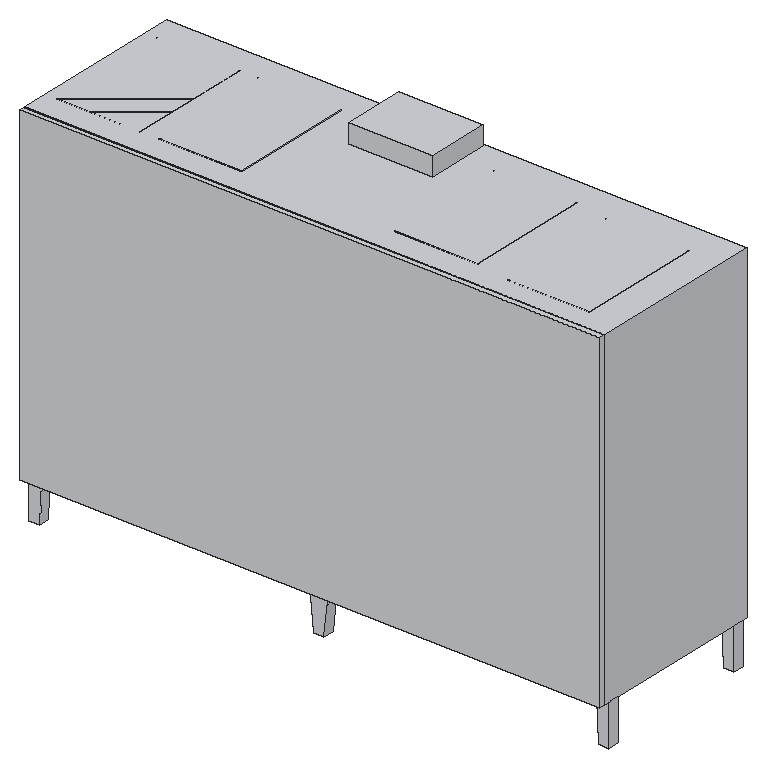
Revit family "AHU 1 _1", category Mechanické zařízení, Revit 2018
Family settings
  Kóta kulaté spojky = Použít průměr
  Typ dílu = Normální
  Číslo OmniClass = 23.75.00.00
  Nadpis OmniClass = Climate Control (HVAC)
  Založené na pracovní rovině = Ne
  Vždy vertikální = Ano
  Ořezat dutým tvarem při načtení = Ne
  Sdílené = Ne
  Bod výpočtu místnosti = Ne
Parameters (values of type "DUPLEXVENT 5000 Multi-V")
  Width [instance] = 0.885 mm
  Weight [instance] = 511.00 kg
  URL = ""
  Type [instance] = "DUPLEXVENT 5000 Multi-V"
  Total_SFP [instance] = 0
  Supply_outlet_hum [instance] = 90
  Supply_inlet_hum [instance] = 90
  Supply_ext_pressure [instance] = 0.0 Pa
  Supply_SFP [instance] = 0
  Source_adu_file [instance] = ""
  Recuperation_type [instance] = "Plate heat recovery exchanger"
  Recuperation_efficiency_EN308 [instance] = 0
  Project_name [instance] = ""
  Project_date [instance] = "9.8.2023"
  Power_supply_fusing [instance] = "0"
  Power_supply_cable [instance] = "0"
  Position [instance] = "AHU 1 "
  Phases_count [instance] = 3
  Panel_thickness [instance] = 0.06 mm
  Outer_surface [instance] = "RAL 9002"
  Length [instance] = 2.8 mm
  Insulation_type [instance] = "PUR"
  Insulation_thickness [instance] = 0.05 mm
  Installation_environment [instance] = ""
  Input_power_max [instance] = 6600 W
  Inner_surface [instance] = "Pozink"
  I2 [instance] = I1  # 0.0 L/s
  Height [instance] = 1.6 mm
  Exhaust_outlet_hum [instance] = 40
  Exhaust_inlet_hum [instance] = 40
  Exhaust_ext_pressure [instance] = 0.0 Pa
  Exhaust_SFP [instance] = 0
  E1 [instance] = E2 - M1  # 0.0 L/s
  E2 [instance] = 0.0 L/s
  I1 [instance] = 0.0 L/s
  Description = ""
  M1 [instance] = 0.0 L/s
  Device_dutypoint_version [instance] = "0"
  Device_design_version [instance] = "9"
  Device_adu_id [instance] = "1"
  Current_max [instance] = 10.8 A
  Casing_mat [instance] = "painted zinc layer"
  Cable type [instance] = "CYKY 5Jx2,5"
Reference planes
  plane 1 "Střed (vpředu/vzadu)": y = 0
  plane 2 "ref": z = 0
  plane 3 "Střed (vlevo/vpravo)": x = 0
Forms (mm)
  Sweep 1, solid
    path origin (0, 0, 0) x (0, 0, 1) y (1, 0, 0)
      loop
        line (0, 0) -> (1600, 0)
    profile origin (0, 0, 0) x (1, 0, 0) y (0, 1, 0)
      loop
        line (0, 0) -> (2800, 0) -> (2800, 855) -> (0, 855) -> (0, 0)
  Sweep 2, solid
    path origin (745, 425, 1599) x (0, 0, 1) y (1, 0, 0)
      loop
        line (0, 0) -> (1, 0)
    profile origin (745, 425, 1599) x (1, 0, 0) y (0, 1, 0)
      loop
        line (-200, -300) -> (200, -300) -> (200, 300) -> (-200, 300) -> (-200, -300)
  Sweep 3, solid
    path origin (2445, 400, 1599) x (0, 0, 1) y (1, 0, 0)
      loop
        line (0, 0) -> (1, 0)
    profile origin (2445, 400, 1599) x (1, 0, 0) y (0, 1, 0)
      loop
        line (-200, -300) -> (200, -300) -> (200, 300) -> (-200, 300) -> (-200, -300)
  Sweep 4, solid
    path origin (1885, 425, 1599) x (0, 0, 1) y (1, 0, 0)
      loop
        line (0, 0) -> (1, 0)
    profile origin (1885, 425, 1599) x (1, 0, 0) y (0, 1, 0)
      loop
        line (-200, -300) -> (200, -300) -> (200, 300) -> (-200, 300) -> (-200, -300)
  Sweep 5, solid
    path origin (255, 425, 1599) x (0, 0, 1) y (1, 0, 0)
      loop
        line (0, 0) -> (1, 0)
    profile origin (255, 425, 1599) x (1, 0, 0) y (0, 1, 0)
      loop
        line (-200, -300) -> (200, -300) -> (200, 300) -> (-200, 300) -> (-200, -300)
  Sweep 6, solid
    path origin (1250, 311, 0) x (0, -1, 0) y (0, 0, 1)
      loop
        line (0, 0) -> (0, -142)
    profile origin (1250, 311, 0) x (-1, 0, 0) y (0, -1, 0)
      loop
        circle (0, 0) r 8
  Sweep 7, solid
    path origin (1258, 311, -150) x (0, 0, -1) y (1, 0, 0)
      loop
        line (0, 0) -> (0, 14)
    profile origin (1258, 311, -150) x (0, 0, 1) y (0, -1, 0)
      loop
        circle (0, 0) r 8
  Sweep 8, solid
    path origin (1280, 311, -142) x (0, -1, 0) y (0, 0, 1)
      loop
        line (0, 0) -> (0, 59)
    profile origin (1280, 311, -142) x (0, 1, 0) y (-1, 0, 0)
      loop
        circle (0, 0) r 8
  Sweep 9, solid
    path origin (1288, 311, -75) x (0, 0, -1) y (1, 0, 0)
      loop
        line (0, 0) -> (0, 22)
    profile origin (1288, 311, -75) x (0, 0, 1) y (0, -1, 0)
      loop
        circle (0, 0) r 8
  Sweep 10, solid
    path origin (1796, 311, 0) x (0, -1, 0) y (0, 0, 1)
      loop
        line (0, 0) -> (0, -142)
    profile origin (1796, 311, 0) x (-1, 0, 0) y (0, -1, 0)
      loop
        circle (0, 0) r 8
  Sweep 11, solid
    path origin (1804, 311, -150) x (0, 0, -1) y (1, 0, 0)
      loop
        line (0, 0) -> (0, 14)
    profile origin (1804, 311, -150) x (0, 0, 1) y (0, -1, 0)
      loop
        circle (0, 0) r 8
  Sweep 12, solid
    path origin (1826, 311, -142) x (0, -1, 0) y (0, 0, 1)
      loop
        line (0, 0) -> (0, 59)
    profile origin (1826, 311, -142) x (0, 1, 0) y (-1, 0, 0)
      loop
        circle (0, 0) r 8
  Sweep 13, solid
    path origin (1834, 311, -75) x (0, 0, -1) y (1, 0, 0)
      loop
        line (0, 0) -> (0, 22)
    profile origin (1834, 311, -75) x (0, 0, 1) y (0, -1, 0)
      loop
        circle (0, 0) r 8
  Sweep 14, solid
    path origin (0, 0, 0) x (0, 0, 1) y (1, 0, 0)
      loop
        line (0, 0) -> (1600, 0)
    profile origin (0, 0, 0) x (1, 0, 0) y (0, 1, 0)
      loop
        line (0, -30) -> (2800, -30) -> (2800, -5) -> (0, -5) -> (0, -30)
  Sweep 15, solid
    path origin (25, 75, 0) x (1, 0, 0) y (0, 1, 0)
      loop
        line (0, 0) -> (0, -50)
    profile origin (25, 75, 0) x (1, 0, 0) y (0, 0, 1)
      loop
        line (-25, 0) -> (-25, -200) -> (25, -200) -> (35, 0) -> (-25, 0)
  Sweep 16, solid
    path origin (2775, 75, 0) x (1, 0, 0) y (0, 1, 0)
      loop
        line (0, 0) -> (0, -50)
    profile origin (2775, 75, 0) x (1, 0, 0) y (0, 0, 1)
      loop
        line (-35, 0) -> (-25, -200) -> (25, -200) -> (25, 0) -> (-35, 0)
  Sweep 17, solid
    path origin (25, 830, 0) x (1, 0, 0) y (0, 1, 0)
      loop
        line (0, 0) -> (0, -50)
    profile origin (25, 830, 0) x (1, 0, 0) y (0, 0, 1)
      loop
        line (-25, 0) -> (-25, -200) -> (25, -200) -> (35, 0) -> (-25, 0)
  Sweep 18, solid
    path origin (2775, 830, 0) x (1, 0, 0) y (0, 1, 0)
      loop
        line (0, 0) -> (0, -50)
    profile origin (2775, 830, 0) x (1, 0, 0) y (0, 0, 1)
      loop
        line (-35, 0) -> (-25, -200) -> (25, -200) -> (25, 0) -> (-35, 0)
  Sweep 19, solid
    path origin (1400, 75, 0) x (1, 0, 0) y (0, 1, 0)
      loop
        line (0, 0) -> (0, -50)
    profile origin (1400, 75, 0) x (1, 0, 0) y (0, 0, 1)
      loop
        line (-45, 0) -> (-25, -200) -> (25, -200) -> (45, 0) -> (-45, 0)
  Sweep 20, solid
    path origin (1400, 830, 0) x (1, 0, 0) y (0, 1, 0)
      loop
        line (0, 0) -> (0, -50)
    profile origin (1400, 830, 0) x (1, 0, 0) y (0, 0, 1)
      loop
        line (-45, 0) -> (-25, -200) -> (25, -200) -> (45, 0) -> (-45, 0)
  Sweep 21, solid
    path origin (0, 0, 1600) x (0, 0, 1) y (1, 0, 0)
      loop
        line (0, 0) -> (90, 0)
    profile origin (0, 0, 1600) x (1, 0, 0) y (0, 1, 0)
      loop
        line (1130, 540) -> (1535, 540) -> (1535, 845) -> (1130, 845) -> (1130, 540)
  Sweep 22, solid
    path origin (1130, 693, 1645) x (0, 0, -1) y (1, 0, 0)
      loop
        line (0, 0) -> (0, -1)
    profile origin (1130, 693, 1645) x (0, 0, -1) y (0, -1, 0)
      loop
        circle (0, 0) r 10
Lines and regions (mm)
  model lines, style "Symbol"
    curve 1: line (1400, -30, 1600) -> (1400, -30, 960)
    curve 2: line (700, -30, 1600) -> (700, -30, 480)
    curve 3: line (700, -30, 480) -> (920, -30, 480)
    curve 4: line (2100, -30, 1600) -> (2100, -30, 480)
    curve 5: line (2100, -30, 480) -> (1880, -30, 480)
    curve 6: line (920, -30, 480) -> (1160, -30, 960)
    curve 7: line (1160, -30, 960) -> (1640, -30, 960)
    curve 8: line (1640, -30, 960) -> (1880, -30, 480)
    curve 9: line (1880, -30, 480) -> (1640, -30, 0)
    curve 10: line (1640, -30, 0) -> (1400, -30, 0)
    curve 11: line (1400, -30, 0) -> (1160, -30, 0)
    curve 12: line (1160, -30, 0) -> (920, -30, 480)
    curve 13: line (2308, -30, 1140) -> (2362, -30, 1460)
    curve 14: line (2592, -30, 1140) -> (2538, -30, 1460)
    curve 15: line (208, -30, 1140) -> (262, -30, 1460)
    curve 16: line (492, -30, 1140) -> (438, -30, 1460)
    curve 17: line (770, -30, 1280) -> (1330, -30, 1280)
    curve 18: line (1330, -30, 1280) -> (1330, -30, 1120)
    curve 19: line (1330, -30, 1120) -> (770, -30, 1120)
    curve 20: line (770, -30, 1120) -> (770, -30, 1280)
    curve 21: line (770, -30, 1200) -> (1050, -30, 1120)
    curve 22: line (1330, -30, 1200) -> (1050, -30, 1120)
    curve 23: line (1470, -30, 1280) -> (2030, -30, 1280)
    curve 24: line (2030, -30, 1280) -> (2030, -30, 1120)
    curve 25: line (2030, -30, 1120) -> (1470, -30, 1120)
    curve 26: line (1470, -30, 1120) -> (1470, -30, 1280)
    curve 27: line (1470, -30, 1200) -> (1750, -30, 1120)
    curve 28: line (2030, -30, 1200) -> (1750, -30, 1120)
    curve 29: line (797, -30, 554) -> (1015, -30, 982)
    curve 30: line (1015, -30, 982) -> (1139, -30, 918)
    curve 31: line (1139, -30, 918) -> (921, -30, 490)
    curve 32: line (921, -30, 490) -> (797, -30, 554)
    curve 33: line (936, -30, 797) -> (1087, -30, 846)
    curve 34: line (849, -30, 626) -> (1000, -30, 675)
    curve 35: line (0, 855, -200) -> (0, 855, 0)
    curve 36: line (2800, 855, -200) -> (2800, 855, 0)
    curve 37: line (0, 855, -200) -> (2800, 855, -200)
    curve 38: line (0, 0, -200) -> (0, 0, 0)
    curve 39: line (2800, 0, -200) -> (2800, 0, 0)
    curve 40: line (0, 0, -200) -> (2800, 0, -200)
    curve 41: line (0, 855, -200) -> (0, 0, -200)
    curve 42: line (2800, 855, -200) -> (2800, 0, -200)
    curve 43: line (0, 200, -200) -> (200, 0, -200)
    curve 44: line (0, 400, -200) -> (400, 0, -200)
    curve 45: line (0, 600, -200) -> (600, 0, -200)
    curve 46: line (0, 800, -200) -> (800, 0, -200)
    curve 47: line (145, 855, -200) -> (1000, 0, -200)
    curve 48: line (345, 855, -200) -> (1200, 0, -200)
    curve 49: line (545, 855, -200) -> (1400, 0, -200)
    curve 50: line (745, 855, -200) -> (1600, 0, -200)
    curve 51: line (945, 855, -200) -> (1800, 0, -200)
    curve 52: line (1145, 855, -200) -> (2000, 0, -200)
    curve 53: line (1345, 855, -200) -> (2200, 0, -200)
    curve 54: line (1545, 855, -200) -> (2400, 0, -200)
    curve 55: line (1745, 855, -200) -> (2600, 0, -200)
    curve 56: line (1945, 855, -200) -> (2800, 0, -200)
    curve 57: line (2145, 855, -200) -> (2800, 200, -200)
    curve 58: line (2345, 855, -200) -> (2800, 400, -200)
    curve 59: line (2545, 855, -200) -> (2800, 600, -200)
    curve 60: line (2745, 855, -200) -> (2800, 800, -200)
    curve 61: line (2800, 200, -200) -> (2800, 0, 0)
    curve 62: line (2800, 400, -200) -> (2800, 200, 0)
    curve 63: line (2800, 600, -200) -> (2800, 400, 0)
    curve 64: line (2800, 800, -200) -> (2800, 600, 0)
    curve 65: line (2800, 855, -55) -> (2800, 800, 0)
    curve 66: line (0, 0, 0) -> (200, 0, -200)
    curve 67: line (200, 0, 0) -> (400, 0, -200)
    curve 68: line (400, 0, 0) -> (600, 0, -200)
    curve 69: line (600, 0, 0) -> (800, 0, -200)
    curve 70: line (800, 0, 0) -> (1000, 0, -200)
    curve 71: line (1000, 0, 0) -> (1200, 0, -200)
    curve 72: line (1200, 0, 0) -> (1400, 0, -200)
    curve 73: line (1400, 0, 0) -> (1600, 0, -200)
    curve 74: line (1600, 0, 0) -> (1800, 0, -200)
    curve 75: line (1800, 0, 0) -> (2000, 0, -200)
    curve 76: line (2000, 0, 0) -> (2200, 0, -200)
    curve 77: line (2200, 0, 0) -> (2400, 0, -200)
    curve 78: line (2400, 0, 0) -> (2600, 0, -200)
    curve 79: line (2600, 0, 0) -> (2800, 0, -200)
    curve 80: line (0, 0, 2180) -> (0, 0, 1600)
    curve 81: line (2800, 0, 2180) -> (2800, 0, 1600)
    curve 82: line (0, 0, 2180) -> (2800, 0, 2180)
    curve 83: line (0, 855, 2180) -> (0, 855, 1600)
    curve 84: line (2800, 855, 2180) -> (2800, 855, 1600)
    curve 85: line (0, 855, 2180) -> (2800, 855, 2180)
    curve 86: line (0, 0, 2180) -> (0, 855, 2180)
    curve 87: line (2800, 0, 2180) -> (2800, 855, 2180)
    curve 88: line (0, 655, 2180) -> (200, 855, 2180)
    curve 89: line (0, 455, 2180) -> (400, 855, 2180)
    curve 90: line (0, 255, 2180) -> (600, 855, 2180)
    curve 91: line (0, 55, 2180) -> (800, 855, 2180)
    curve 92: line (145, 0, 2180) -> (1000, 855, 2180)
    curve 93: line (345, 0, 2180) -> (1200, 855, 2180)
    curve 94: line (545, 0, 2180) -> (1400, 855, 2180)
    curve 95: line (745, 0, 2180) -> (1600, 855, 2180)
    curve 96: line (945, 0, 2180) -> (1800, 855, 2180)
    curve 97: line (1145, 0, 2180) -> (2000, 855, 2180)
    curve 98: line (1345, 0, 2180) -> (2200, 855, 2180)
    curve 99: line (1545, 0, 2180) -> (2400, 855, 2180)
    curve 100: line (1745, 0, 2180) -> (2600, 855, 2180)
    curve 101: line (1945, 0, 2180) -> (2800, 855, 2180)
    curve 102: line (2145, 0, 2180) -> (2800, 655, 2180)
    curve 103: line (2345, 0, 2180) -> (2800, 455, 2180)
    curve 104: line (2545, 0, 2180) -> (2800, 255, 2180)
    curve 105: line (2745, 0, 2180) -> (2800, 55, 2180)
    curve 106: line (2800, 655, 2180) -> (2800, 855, 1980)
    curve 107: line (2800, 455, 2180) -> (2800, 855, 1780)
    curve 108: line (2800, 255, 2180) -> (2800, 835, 1600)
    curve 109: line (2800, 55, 2180) -> (2800, 635, 1600)
    curve 110: line (2800, 0, 2035) -> (2800, 435, 1600)
    curve 111: line (2800, 0, 1835) -> (2800, 235, 1600)
    curve 112: line (2800, 0, 1635) -> (2800, 35, 1600)
    curve 113: line (0, 855, 1980) -> (200, 855, 2180)
    curve 114: line (0, 855, 1780) -> (400, 855, 2180)
    curve 115: line (20, 855, 1600) -> (600, 855, 2180)
    curve 116: line (220, 855, 1600) -> (800, 855, 2180)
    curve 117: line (420, 855, 1600) -> (1000, 855, 2180)
    curve 118: line (620, 855, 1600) -> (1200, 855, 2180)
    curve 119: line (820, 855, 1600) -> (1400, 855, 2180)
    curve 120: line (1020, 855, 1600) -> (1600, 855, 2180)
    curve 121: line (1220, 855, 1600) -> (1800, 855, 2180)
    curve 122: line (1420, 855, 1600) -> (2000, 855, 2180)
    curve 123: line (1620, 855, 1600) -> (2200, 855, 2180)
    curve 124: line (1820, 855, 1600) -> (2400, 855, 2180)
    curve 125: line (2020, 855, 1600) -> (2600, 855, 2180)
    curve 126: line (2220, 855, 1600) -> (2800, 855, 2180)
    curve 127: line (2420, 855, 1600) -> (2800, 855, 1980)
    curve 128: line (2620, 855, 1600) -> (2800, 855, 1780)
    curve 129: line (0, -30, 0) -> (0, -30, 1600)
    curve 130: line (0, -30, 1600) -> (1120, -30, 1600)
    curve 131: line (1120, -30, 1600) -> (1120, -30, 0)
    curve 132: line (1120, -30, 0) -> (0, -30, 0)
    curve 133: line (1680, -30, 0) -> (1680, -30, 1600)
    curve 134: line (1680, -30, 1600) -> (2800, -30, 1600)
    curve 135: line (2800, -30, 1600) -> (2800, -30, 0)
    curve 136: line (2800, -30, 0) -> (1680, -30, 0)
    curve 137: line (0, -30, 0) -> (2800, -30, 0)
    curve 138: line (0, -30, 1600) -> (2800, -30, 1600)
    curve 139: line (0, -30, 0) -> (0, -30, 1600)
    curve 140: line (2800, -30, 0) -> (2800, -30, 1600)
    curve 141: line (0, -30, 0) -> (0, -5, 0)
    curve 142: line (2800, -30, 0) -> (2800, -5, 0)
    curve 143: line (0, -30, 1600) -> (0, -5, 1600)
    curve 144: line (2800, -30, 1600) -> (2800, -5, 1600)
    curve 145: circle (2450, -30, 1280) r 200 normal (0, -1, 0)
    curve 146: circle (350, -30, 1280) r 200 normal (0, -1, 0)
    curve 147: circle (1012, -30, 822) r 21 normal (0, -1, 0)
    curve 148: circle (924, -30, 650) r 21 normal (0, -1, 0)
    curve 149: circle (1250, 311, 0) r 8 normal (0, 0, -1)
    curve 150: circle (1250, 311, -142) r 8 normal (0, 0, -1)
    curve 151: circle (1796, 311, 0) r 8 normal (0, 0, -1)
    curve 152: circle (1796, 311, -142) r 8 normal (0, 0, -1)
Dimensions and locks
  aligned and locked: level to plane 2 "ref"
Connectors
  hvac at (745, 425, 1600), driven by "E1"
    settings: on Sweep 2, index 1, duct flow 0.0 L/s, flow factor 0, pres drop 0.0 Pa, loss coef 0, conn angle 0.00°, conn width 600 mm, conn height 400 mm, conn diameter 609.6 mm, duct sys type 1, conn prof type 1, flow config 1, flow direction 1, loss method 0, conn ref index -1, conn util no, is conn primary yes, conn desc ""
  hvac at (2445, 400, 1600), driven by "E2"
    settings: on Sweep 3, index 2, duct flow 0.0 L/s, flow factor 1, pres drop 0.0 Pa, loss coef 0, conn angle 0.00°, conn width 600 mm, conn height 400 mm, conn diameter 609.6 mm, duct sys type 1, conn prof type 1, flow config 2, flow direction 2, loss method 0, conn ref index -1, conn util no, is conn primary no, conn desc ""
  hvac at (1885, 425, 1600), driven by "I1"
    settings: on Sweep 4, index 3, duct flow 0.0 L/s, flow factor 1, pres drop 0.0 Pa, loss coef 0, conn angle 0.00°, conn width 600 mm, conn height 400 mm, conn diameter 609.6 mm, duct sys type 3, conn prof type 1, flow config 2, flow direction 1, loss method 0, conn ref index -1, conn util no, is conn primary no, conn desc ""
  hvac at (255, 425, 1600), driven by "I2"
    settings: on Sweep 5, index 4, duct flow 0.0 L/s, flow factor 0, pres drop 0.0 Pa, loss coef 0, conn angle 0.00°, conn width 600 mm, conn height 400 mm, conn diameter 609.6 mm, duct sys type 3, conn prof type 1, flow config 1, flow direction 2, loss method 0, conn ref index -1, conn util no, is conn primary no, conn desc ""
  piping at (1310, 311, -75), diameter 40
    settings: on Sweep 9, index 5, connector inside diameter 609.6 mm, connector length 0 mm, flow factor 0, pipe flow 0.0 L/s, pressure drop 0.0 Pa, fitting loss kfactor 0, connector angle 0.00°, fixture units 0, engagement length 0 mm, angle of deflection 0.00°, flow configuration 1, flow direction 2, fitting loss method 0, system type 16, joint type 0, gender type 0, connector reference index -1, connector utility 0, adjustable connector no, is connector primary yes, connector description ""
  piping at (1856, 311, -75), diameter 40
    settings: on Sweep 13, index 6, connector inside diameter 609.6 mm, connector length 0 mm, flow factor 0, pipe flow 0.0 L/s, pressure drop 0.0 Pa, fitting loss kfactor 0, connector angle 0.00°, fixture units 0, engagement length 0 mm, angle of deflection 0.00°, flow configuration 1, flow direction 2, fitting loss method 0, system type 16, joint type 0, gender type 0, connector reference index -1, connector utility 0, adjustable connector no, is connector primary no, connector description ""
  electrical at (1129, 693, 1645)
    settings: on Sweep 22, index 7, voltage 400 V, apparent load 0 VA, apparent load phase1 0 VA, apparent load phase2 0 VA, apparent load phase3 0 VA, power factor 1, load classification "Další", number of poles 3, system type 31, power factor state 1, is connector primary yes, connector utility no, sub classification motor no, connector description ""
